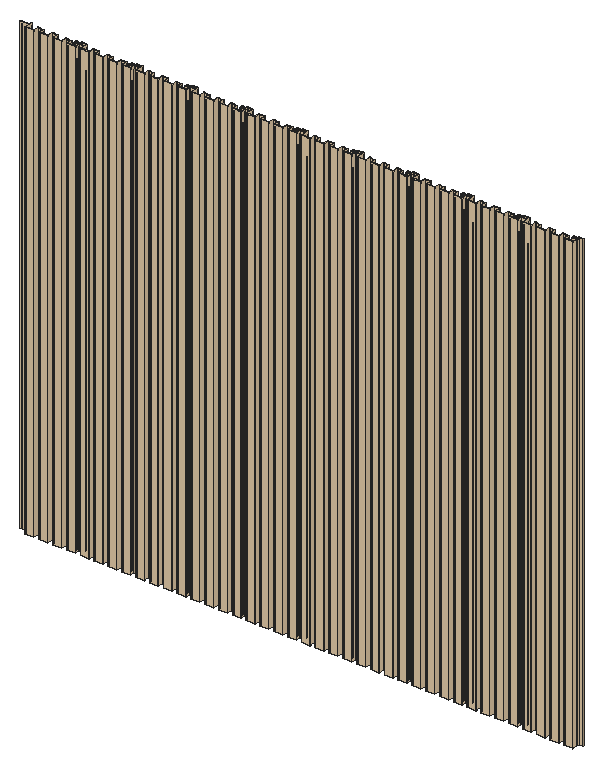
Revit family "UNVERSAL 2-2", category Mechanical Equipment, Revit 2017
Family settings
  Round Connector Dimension = Use Diameter
  Part Type = Normal
  Work Plane-Based = No
  Always vertical = Yes
  Cut with Voids When Loaded = No
  Shared = No
  Room Calculation Point = No
Parameters (values of type "Pine")
  Width = 120 mm * Panel Number + 25 mm  # 1225 mm
  URL = "https://gtoaluminum.com/product/universal-22/"
  Single = Panel Number = 1  # no
  Panel Number = 10
  Array Number = if(Panel Number = 1, 2, Panel Number)  # 10
  Model = "Universal 2-2"
  Manufacturer = "gtoaluminum"
  Height = 1000 mm
  Finish = Pine, Scots
  Dimensions = "5.51”W x 0.70”H x 19’L | 0.047” thickness"
  Description = "This profile is suitable for both interior and exterior cladding. It has a delicate appearance and feel and emulates the same width as the Click 20 profiles. It is fully enclosed and works better for exterior cladding and doors. It can also be used in living rooms, offices, and other formal environments. It comes in different shades of wood and other colors or can be painted in a custom color. The installation is effortless, and the finishing looks seamless without any noticeable screws or marks."
  Bottom Offset = 0 mm
  Array = not(Single)  # yes
Types (8, lengths in mm): name | Width | Panel Number | Array Number | Height | Finish | Bottom Offset
  (no name) | 1225 | 10 | 10 | 1000 | Pine, Scots | 0
  Espresso | 625 | 5 | 5 | 3000 | Espresso | 50
  Oak | 625 | 5 | 5 | 3000 | Wood (Oak) | 50
  Pine | 1225 | 10 | 10 | 1000 | Pine, Scots | 0
  Gray | 625 | 5 | 5 | 3000 | Gray | 50
  Charcol | 625 | 5 | 5 | 3000 | Charcol | 50
  Matte | 625 | 5 | 5 | 3000 | Matte | 50
  gloss | 625 | 5 | 5 | 3000 | Gloss | 50
Reference planes
  plane 1 "Center (Front/Back)": y = 0
  plane 2: z = 0
  plane 3 "Center (Left/Right)": x = 0
  plane 4: x = 1225
Dimensions and locks
  "Width": plane 3 "Center (Left/Right)" to plane 4
  equal spacing: group 1, group 2, group 3, group 4, group 5, group 6, group 7, group 8, group 9, group 10  (x3)
  aligned and locked: level to plane 2
  aligned and locked: plane 3 "Center (Left/Right)" to nested 1
  aligned and locked: plane 3 "Center (Left/Right)" to nested 3
  aligned and locked: nested 3 to nested 1
Nested families
  nested 1: "profile" at (0, 0, 0), visible <- "Array", type "profile"
    with Height 1000 mm, Bottom Offset 0 mm
  nested 2: "profile" at (121.693, 0, 0), visible <- "Array", type "profile"
    with Height 1000 mm, Bottom Offset 0 mm
  nested 3: "profile" at (0, 0, 0), visible <- "Single", type "profile"
    with Height 1000 mm, Bottom Offset 0 mm
  nested 4: "profile" at (243.386, 0, 0), visible <- "Array", type "profile"
    with Height 1000 mm, Bottom Offset 0 mm
  nested 5: "profile" at (365.079, 0, 0), visible <- "Array", type "profile"
    with Height 1000 mm, Bottom Offset 0 mm
  nested 6: "profile" at (486.773, 0, 0), visible <- "Array", type "profile"
    with Height 1000 mm, Bottom Offset 0 mm
  nested 7: "profile" at (608.466, 0, 0), visible <- "Array", type "profile"
    with Height 1000 mm, Bottom Offset 0 mm
  nested 8: "profile" at (730.159, 0, 0), visible <- "Array", type "profile"
    with Height 1000 mm, Bottom Offset 0 mm
  nested 9: "profile" at (851.852, 0, 0), visible <- "Array", type "profile"
    with Height 1000 mm, Bottom Offset 0 mm
  nested 10: "profile" at (973.545, 0, 0), visible <- "Array", type "profile"
    with Height 1000 mm, Bottom Offset 0 mm
  nested 11: "profile" at (1095.238, 0, 0), visible <- "Array", type "profile"
    with Height 1000 mm, Bottom Offset 0 mm
Definition of nested family "profile"
  Parameters (values of type "profile")
    Height = 3000 mm
    Finish = none
    Bottom Offset = 50 mm
  Reference planes
    plane 1 "Center (Front/Back)": y = 0
    plane 2: z = 0
    plane 3 "Center (Left/Right)": x = 0
    plane 4: z = 3000
    plane 5: z = 50
    plane 6: x = 68.857
  Forms (mm)
    Extrusion 1, solid, material <- "Finish"
      sketch origin (0, 3.6, 0) x (1, 0, 0) y (0, 1, 0)
        loop
          arc (139.363, 13.091) -> (140.013, 13.741) -> (139.363, 14.391) r 0.65
          line (139.363, 14.391) -> (130.209, 14.391)
          arc (130.209, 14.391) -> (129.849, 14.242) -> (129.701, 13.883) r 0.508
          line (129.701, 13.883) -> (129.701, 12.049)
          arc (129.701, 12.049) -> (129.552, 11.689) -> (129.193, 11.541) r 0.508
          line (129.193, 11.541) -> (120.909, 11.541)
          arc (120.909, 11.541) -> (120.549, 11.392) -> (120.401, 11.033) r 0.508
          line (120.401, 11.033) -> (120.401, 5.449)
          arc (120.401, 5.449) -> (120.549, 5.089) -> (120.909, 4.941) r 0.508
          line (120.909, 4.941) -> (129.193, 4.941)
          arc (129.193, 4.941) -> (129.552, 4.792) -> (129.701, 4.433) r 0.508
          line (129.701, 4.433) -> (129.701, -1.801)
          arc (129.701, -1.801) -> (129.552, -2.161) -> (129.193, -2.309) r 0.508
          line (129.193, -2.309) -> (112.808, -2.309)
          arc (112.808, -2.309) -> (112.449, -2.161) -> (112.3, -1.801) r 0.508
          line (112.3, -1.801) -> (112.3, 7.883)
          arc (112.3, 7.883) -> (112.152, 8.242) -> (111.792, 8.391) r 0.508
          line (111.792, 8.391) -> (99.708, 8.391)
          arc (99.708, 8.391) -> (99.349, 8.242) -> (99.2, 7.883) r 0.508
          line (99.2, 7.883) -> (99.2, -1.801)
          arc (99.2, -1.801) -> (99.052, -2.161) -> (98.692, -2.309) r 0.508
          line (98.692, -2.309) -> (82.308, -2.309)
          arc (82.308, -2.309) -> (81.949, -2.161) -> (81.8, -1.801) r 0.508
          line (81.8, -1.801) -> (81.8, 7.883)
          arc (81.8, 7.883) -> (81.652, 8.242) -> (81.292, 8.391) r 0.508
          line (81.292, 8.391) -> (69.208, 8.391)
          arc (69.208, 8.391) -> (68.849, 8.242) -> (68.7, 7.883) r 0.508
          line (68.7, 7.883) -> (68.7, -1.801)
          arc (68.7, -1.801) -> (68.551, -2.161) -> (68.192, -2.309) r 0.508
          line (68.192, -2.309) -> (51.808, -2.309)
          arc (51.808, -2.309) -> (51.449, -2.161) -> (51.3, -1.801) r 0.508
          line (51.3, -1.801) -> (51.3, 7.883)
          arc (51.3, 7.883) -> (51.151, 8.242) -> (50.792, 8.391) r 0.508
          line (50.792, 8.391) -> (38.708, 8.391)
          arc (38.708, 8.391) -> (38.349, 8.242) -> (38.2, 7.883) r 0.508
          line (38.2, 7.883) -> (38.2, -1.801)
          arc (38.2, -1.801) -> (38.051, -2.161) -> (37.692, -2.309) r 0.508
          line (37.692, -2.309) -> (21.308, -2.309)
          arc (21.308, -2.309) -> (20.949, -2.161) -> (20.8, -1.801) r 0.508
          line (20.8, -1.801) -> (20.8, 13.75)
          arc (20.8, 13.75) -> (20.15, 14.4) -> (19.5, 13.75) r 0.65
          line (19.5, 13.75) -> (19.5, 8.899)
          arc (19.5, 8.899) -> (19.351, 8.539) -> (18.992, 8.391) r 0.508
          line (18.992, 8.391) -> (2.641, 8.391)
          arc (2.641, 8.391) -> (2.226, 8.518) -> (1.956, 8.857) r 0.737
          arc (1.956, 8.857) -> (0.916, 9.502) -> (0, 8.691) r 1.024
          line (0, 8.691) -> (0, 7.599)
          arc (0, 7.599) -> (0.149, 7.239) -> (0.508, 7.091) r 0.508
          line (0.508, 7.091) -> (18.992, 7.091)
          arc (18.992, 7.091) -> (19.351, 6.942) -> (19.5, 6.583) r 0.508
          line (19.5, 6.583) -> (19.5, -3.101)
          arc (19.5, -3.101) -> (19.649, -3.461) -> (20.008, -3.609) r 0.508
          line (20.008, -3.609) -> (38.992, -3.609)
          arc (38.992, -3.609) -> (39.351, -3.461) -> (39.5, -3.101) r 0.508
          line (39.5, -3.101) -> (39.5, 6.583)
          arc (39.5, 6.583) -> (39.649, 6.942) -> (40.008, 7.091) r 0.508
          line (40.008, 7.091) -> (49.492, 7.091)
          arc (49.492, 7.091) -> (49.851, 6.942) -> (50, 6.583) r 0.508
          line (50, 6.583) -> (50, -3.101)
          arc (50, -3.101) -> (50.149, -3.461) -> (50.508, -3.609) r 0.508
          line (50.508, -3.609) -> (69.492, -3.609)
          arc (69.492, -3.609) -> (69.852, -3.461) -> (70, -3.101) r 0.508
          line (70, -3.101) -> (70, 6.583)
          arc (70, 6.583) -> (70.149, 6.942) -> (70.508, 7.091) r 0.508
          line (70.508, 7.091) -> (79.992, 7.091)
          arc (79.992, 7.091) -> (80.352, 6.942) -> (80.5, 6.583) r 0.508
          line (80.5, 6.583) -> (80.5, -3.101)
          arc (80.5, -3.101) -> (80.649, -3.461) -> (81.008, -3.609) r 0.508
          line (81.008, -3.609) -> (99.992, -3.609)
          arc (99.992, -3.609) -> (100.352, -3.461) -> (100.5, -3.101) r 0.508
          line (100.5, -3.101) -> (100.5, 6.583)
          arc (100.5, 6.583) -> (100.649, 6.942) -> (101.008, 7.091) r 0.508
          line (101.008, 7.091) -> (110.492, 7.091)
          arc (110.492, 7.091) -> (110.852, 6.942) -> (111, 6.583) r 0.508
          line (111, 6.583) -> (111, -3.101)
          arc (111, -3.101) -> (111.149, -3.461) -> (111.508, -3.609) r 0.508
          line (111.508, -3.609) -> (130.493, -3.609)
          arc (130.493, -3.609) -> (130.852, -3.461) -> (131.001, -3.101) r 0.508
          line (131.001, -3.101) -> (131.001, 5.733)
          arc (131.001, 5.733) -> (130.852, 6.092) -> (130.493, 6.241) r 0.508
          line (130.493, 6.241) -> (122.209, 6.241)
          arc (122.209, 6.241) -> (121.849, 6.389) -> (121.701, 6.749) r 0.508
          line (121.701, 6.749) -> (121.701, 9.733)
          arc (121.701, 9.733) -> (121.849, 10.092) -> (122.209, 10.241) r 0.508
          line (122.209, 10.241) -> (130.493, 10.241)
          arc (130.493, 10.241) -> (130.852, 10.389) -> (131.001, 10.749) r 0.508
          line (131.001, 10.749) -> (131.001, 12.583)
          arc (131.001, 12.583) -> (131.149, 12.942) -> (131.509, 13.091) r 0.508
          line (131.509, 13.091) -> (139.363, 13.091)
      from 50 to 3000
  Dimensions and locks
    "Height": plane 4 to plane 2
    "Bottom Offset": plane 5 to level
    aligned and locked: level to plane 2
    aligned and locked: Extrusion 1 to plane 4
    aligned and locked: plane 5 to Extrusion 1
  Automatic sketch dimensions
    Extrusion 1 sketch curve to plane 3 "Center (Left/Right)" = 0 mm
    plane 3 "Center (Left/Right)" to Extrusion 1 sketch curve = 0.508 mm
    plane 3 "Center (Left/Right)" to Extrusion 1 sketch curve = 1.003 mm
    Extrusion 1 sketch curve to Extrusion 1 sketch curve = 1.638 mm
    Extrusion 1 sketch curve to Extrusion 1 sketch curve = 16.351 mm
    Extrusion 1 sketch curve to Extrusion 1 sketch curve = 0 mm  (x4)
    Extrusion 1 sketch curve to Extrusion 1 sketch curve = 0.508 mm  (x31)
    Extrusion 1 sketch curve to Extrusion 1 sketch curve = 0.65 mm  (x2)
    Extrusion 1 sketch curve to plane 1 "Center (Front/Back)" = 1.291 mm  (x3)
    Extrusion 1 sketch curve to Extrusion 1 sketch curve = 16.384 mm  (x2)
    Extrusion 1 sketch curve to Extrusion 1 sketch curve = 0.792 mm  (x9)
    Extrusion 1 sketch curve to Extrusion 1 sketch curve = 9.484 mm  (x3)
    plane 1 "Center (Front/Back)" to Extrusion 1 sketch curve = 0.009 mm  (x4)
    Extrusion 1 sketch curve to Extrusion 1 sketch curve = 1.3 mm  (x10)
    plane 6 to Extrusion 1 sketch curve = 0.665 mm
    plane 6 to Extrusion 1 sketch curve = 0.157 mm
    Extrusion 1 sketch curve to plane 6 = 0.351 mm
    Extrusion 1 sketch curve to plane 6 = 0.635 mm
    Extrusion 1 sketch curve to plane 1 "Center (Front/Back)" = 0.499 mm
    Extrusion 1 sketch curve to plane 1 "Center (Front/Back)" = 1.799 mm
    Extrusion 1 sketch curve to Extrusion 1 sketch curve = 8.1 mm
    Extrusion 1 sketch curve to Extrusion 1 sketch curve = 6.984 mm
    Extrusion 1 sketch curve to Extrusion 1 sketch curve = 7.854 mm
    Extrusion 1 sketch curve to Extrusion 1 sketch curve = 6.234 mm
    Extrusion 1 sketch curve to Extrusion 1 sketch curve = 8.384 mm  (x4)
    Extrusion 1 sketch curve to Extrusion 1 sketch curve = 0.883 mm
    Extrusion 1 sketch curve to Extrusion 1 sketch curve = 0.209 mm
    Extrusion 1 sketch curve to Extrusion 1 sketch curve = 0.737 mm
    Extrusion 1 sketch curve to Extrusion 1 sketch curve = 2.984 mm
    Extrusion 1 sketch curve to Extrusion 1 sketch curve = 0.534 mm
    Extrusion 1 sketch curve to Extrusion 1 sketch curve = 4.851 mm
